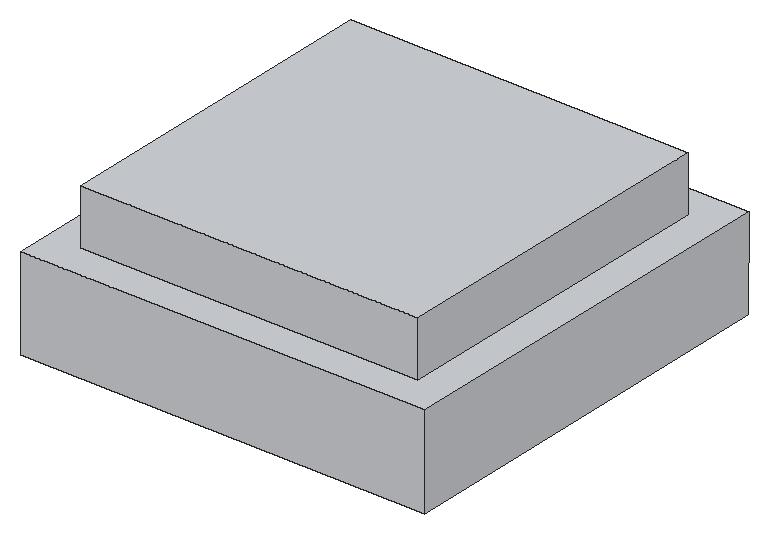
Revit family "Mark Ecofan W", category Mechanical Equipment, Revit 2017
Family settings
  Round Connector Dimension = Use Diameter
  Part Type = Normal
  OmniClass Number = 23.75.00.00
  OmniClass Title = Climate Control (HVAC)
  Work Plane-Based = No
  Always vertical = Yes
  Cut with Voids When Loaded = No
  Shared = No
  Room Calculation Point = No
Parameters (values of type "Ecofan W type W82")
  voltage = 230 V
  schijnbaar_vermogen = voltage * nominale stroom  # 391 VA
  offset [instance] = 70 mm
  o1 [instance] = if(offset < 100 mm, 100 mm, if(offset > 100 mm, offset, 100 mm))  # 100 mm
  nominale stroom = 1.7 A
  lengte = b1  # 720 mm
  hoogte = h1  # 265 mm
  h2 = 165 mm
  h1 = 265 mm
  gewicht = "23 KG"
  elektrisch_vermogen = 360 W
  debiet = 800.0 m³/h
  breedte = b1  # 720 mm
  b2 = 600 mm
  b1 = 720 mm
  aantal_polen = 1
  URL = "http://www.mark.nl/"
  Type Comments = "Type W82"
  Model = "ECOFAN W"
  Manufacturer = "Mark"  # constant formula
Reference planes
  plane 1 "Center (Front/Back)": y = 0
  plane 2: z = 0
  plane 3 "Center (Left/Right)": x = 0
  plane 4: x = -360
  plane 5: x = 360
  plane 6: x = 300
  plane 7: x = -300
  plane 8: y = 360
  plane 9: y = 300
  plane 10: y = -300
  plane 11: y = -360
  plane 12: z = -200
  plane 13: z = -365
  plane 14: z = -100
Forms (mm)
  Extrusion 1, solid
    sketch origin (1292.37, -1524, -365) x (0, -1, 0) y (-1, 0, 0)
      loop
        line (-1884, 1652.37) -> (-1884, 932.37) -> (-1164, 932.37) -> (-1164, 1652.37) -> (-1884, 1652.37)
    from 0 to -165
  Extrusion 2, solid
    sketch origin (-1213.618, -1524, -200) x (-1, 0, 0) y (0, -1, 0)
      loop
        line (-913.618, -1824) -> (-913.618, -1224) -> (-1513.618, -1224) -> (-1513.618, -1824) -> (-913.618, -1824)
    from 0 to 100
Dimensions and locks
  equal spacing: plane 4, plane 3 "Center (Left/Right)", plane 5
  "b1": plane 4 to plane 5
  equal spacing: plane 7, plane 3 "Center (Left/Right)", plane 6
  "b2": plane 7 to plane 6
  equal spacing: plane 8, plane 1 "Center (Front/Back)", plane 11
  "b1": plane 8 to plane 11
  "b2": plane 10 to plane 9
  equal spacing: plane 10, plane 1 "Center (Front/Back)", plane 9
  "h2": plane 12 to plane 13
  "h1": plane 14 to plane 13
  "o1": plane 2 to plane 14
  aligned and locked: level to plane 2
  aligned and locked: plane 5 to Extrusion 1 sketch curve
  aligned and locked: Extrusion 1 sketch curve to plane 8
  aligned and locked: plane 4 to Extrusion 1 sketch curve
  aligned and locked: Extrusion 1 sketch curve to plane 11
  aligned and locked: plane 12 to Extrusion 1
  aligned and locked: Extrusion 2 sketch curve to plane 6
  aligned and locked: plane 9 to Extrusion 2 sketch curve
  aligned and locked: Extrusion 2 sketch curve to plane 7
  aligned and locked: plane 10 to Extrusion 2 sketch curve
  aligned and locked: plane 14 to Extrusion 2
Connectors
  electrical at (0, 0, -100), driven by "aantal_polen", driven by "voltage", driven by "schijnbaar_vermogen"
    settings: on Extrusion 2, index 1, voltage 230 V, apparent load 0 VA, apparent load phase1 391 VA, apparent load phase2 0 VA, apparent load phase3 0 VA, power factor 1, load classification "Other", number of poles 1, system type 31, power factor state 1, is connector primary yes, connector utility no, sub classification motor no, connector description ""
